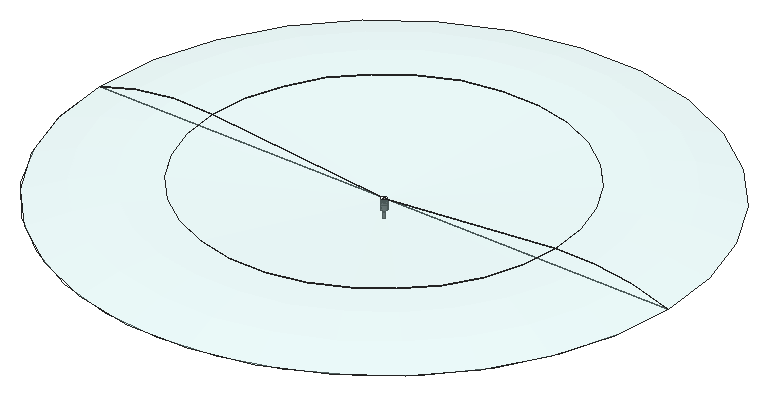
Revit family "Bubbler - 1300A-F Series", category Conexões de tubo, Revit 2020
Family settings
  Cota do conector redondo = Utilizar diâmetro
  Tipo de parte = Cobertura
  Número OmniClass = 23.60.30.11.14
  Título OmniClass = Pipework Fittings
  Com base no plano de trabalho = Sim
  Sempre na vertical = Sim
  Corte com vazios quando carregada = Não
  Compartilhado = Não
Parameters (values of type "1300A-F")
  Water Visibility (Circle) = yes
  Water = Water
  URL = "https://www.rainbird.com/"
  Type = 2 ft
  Transparent Plastic [instance] = Transparent Plastic
  SupportProjetos: Reviw Date = "26/03/2021"  # constant formula
  SupportProjetos: Level of Detail = "LOD 300"  # constant formula
  SupportProjetos: Developed = "MICHEL SOARES MOTA"  # constant formula
  SupportProjetos: Creation Date = "30/07/2020"  # constant formula
  Reviw = "R01"  # constant formula
  RainBird: Product Link = "https://store.rainbird.com/sprinklers/nozzles.html?sprays_nozzleseries=102"
  RainBird: Description [instance] = "Spray Nozzles -  Bubblers - 1300A-F"
  RainBird: Comment [instance] = ""
  Radius [instance] = 3 ft
  R2 [instance] = 0.032808 ft
  R1 [instance] = 0.026247 ft
  Pressure [instance] = 60 psi
  Plastic = Plastic Black
  PCS - 090 [instance] = no
  PCS - 060 [instance] = no
  PCS - 040 [instance] = no
  PCS - 030 [instance] = no
  PCS - 025 [instance] = no
  PCS - 020 [instance] = no
  Modelo = "1300"
  H2 = 1.312 ft  # constant formula
  H1 [instance] = 0.049213 ft
  Flow [instance] = 2.3 GPM
  Default Elevation = 4 ft
  Descrição = "Spray Nozzles 1300 Series"  # constant formula
  DT8 [instance] = 0.098425 ft
  DT7 [instance] = 4 * Radius  # 12 ft
  DT4 [instance] = 5 * Radius  # 15 ft
  DT3 [instance] = 0.3397 * Radius  # 1.0191 ft
  DT2 = 0.098425 ft  # constant formula
  DT13 = 0.049769 ft
  DT12 = 0.070216 ft
  DT1 = 0.032808 ft
  DT6 = 0 ft
  DT5 [instance] = 0.6 * Radius  # 1.8 ft
  Cover = Black Plastic
  Arc Angle [instance] = 360.00°
  Angle = 5.00°
  Aluminum = Aluminum
Reference planes (ft)
  plane 1 "Centro (Frente/Trás)": y = 0
  plane 2: z = 0
  plane 3 "Centro (Esquerda/Direita)": x = 0
Forms (ft)
  Extrusion 1, solid, material "Plastic Black" <- "Plastic"
    sketch origin (0, 0, 0) x (1, 0, 0) y (0, 1, 0)
      loop
        circle (0, 0) r 0.032808
      loop
        circle (0, 0) r 0.026247
    from 0 to 0.049213
  Revolve 2, solid, material "Black Plastic" <- "Cover"
    sketch origin (0, 0, 0) x (1, 0, 0) y (0, 0, 1)
      loop
        line (0.029822, 0.073781) -> (0.005544, 0.073781) -> (0.005544, 0.057377) -> (0.001486, 0.057377) -> (0.001486, 0.049213) -> (0.021797, 0.049213) -> (0.021797, 0.052567) -> (0.032707, 0.052567) -> (0.032707, 0.070897)
        arc (0.032707, 0.070897) -> (0.031862, 0.072936) -> (0.029822, 0.073781) r 0.002884
      axis (0, 0.049213) -> (0, 0.073781)
    angle from 0 to 360
  Revolve 3, solid, material "Water" <- "Water", visible <- "Water Visibility (Circle)"
    sketch origin (0, 0, 0) x (1, 0, 0) y (0, 0, 1)
      loop
        line (0.032808, 0.098425) -> (3.032808, 0.098425)
        arc (3.032808, 0.098425) -> (2.437909, 0.242453) -> (1.825959, 0.255306) r 2.832281
        line (1.825959, 0.255306) -> (0.032808, 0.098425)
      axis (0, 0.098425) -> (0, 0.255306)
    angle from 0 to 360 <- "Arc Angle"
  Extrusion 4, solid, material "Aluminum" <- "Aluminum"
    sketch origin (0, 0, 0) x (1, 0, 0) y (0, 1, 0)
      loop
        circle (0, 0) r 0.003361
    from 0.057377 to 0.098425
  Extrusion 5, solid, material "Aluminum" <- "Aluminum"
    sketch origin (0, 0, 0) x (1, 0, 0) y (0, 1, 0)
      loop
        circle (0, 0) r 0.006402
    from 0.098425 to 0.102511
Dimensions and locks (ft)
  "H1": Extrusion 1 to level
  "DT1": Revolve 3 sketch curve to plane 3 "Centro (Esquerda/Direita)"
  "DT2": Revolve 3 sketch curve to level
  "Radius": Revolve 3 sketch curve to Revolve 3 sketch curve
  "DT5": Revolve 3 sketch curve to Revolve 3 sketch curve
  "R1": radius of Extrusion 1 sketch curve
  "R2": radius of Extrusion 1 sketch curve
  "Angle": angle Revolve 3 sketch curve to Revolve 3 sketch curve
  aligned and locked: level to plane 2
  aligned and locked: Extrusion 1 to level
  aligned and locked: Extrusion 4 to Revolve 2
Automatic sketch dimensions
  Extrusion 1 sketch curve to Extrusion 1 sketch curve = 0 ft  (x2)
  plane 1 "Centro (Frente/Trás)" to Extrusion 1 sketch curve = 0 ft
  Extrusion 1 sketch curve to plane 3 "Centro (Esquerda/Direita)" = 0 ft
  Revolve 2 sketch curve to plane 3 "Centro (Esquerda/Direita)" = 0 ft
  plane 3 "Centro (Esquerda/Direita)" to Revolve 2 sketch curve = 0.001486 ft
  Revolve 2 sketch curve to Revolve 2 sketch curve = 0.004058 ft
  Revolve 2 sketch curve to Revolve 2 sketch curve = 0.016253 ft
  Revolve 2 sketch curve to Revolve 2 sketch curve = 0.008026 ft
  Revolve 2 sketch curve to Revolve 2 sketch curve = 0.002884 ft
  level to Revolve 2 sketch curve = 0.049213 ft
  Revolve 2 sketch curve to Revolve 2 sketch curve = 0.003354 ft
  Revolve 2 sketch curve to Revolve 2 sketch curve = 0.008164 ft
  Revolve 2 sketch curve to Revolve 2 sketch curve = 0.01833 ft
  Revolve 2 sketch curve to Revolve 2 sketch curve = 0.041048 ft
  Revolve 2 sketch curve to Revolve 2 sketch curve = 0.140822 ft
  Revolve 3 sketch curve to plane 3 "Centro (Esquerda/Direita)" = 0 ft
  Revolve 3 sketch curve to Revolve 3 sketch curve = 0.052946 ft
  Revolve 3 sketch curve to Revolve 3 sketch curve = 9.960307 ft
  plane 1 "Centro (Frente/Trás)" to Extrusion 4 sketch curve = 0 ft
  Extrusion 4 sketch curve to plane 3 "Centro (Esquerda/Direita)" = 0 ft
  plane 1 "Centro (Frente/Trás)" to Extrusion 5 sketch curve = 0 ft
  Extrusion 5 sketch curve to plane 3 "Centro (Esquerda/Direita)" = 0 ft
  radius of Extrusion 4 sketch curve = 0.003361 ft
  radius of Extrusion 5 sketch curve = 0.006402 ft
Nested families (ft)
  nested 1: "R VAN PCS Screen" at (0, 0, 0), Material <- "Transparent Plastic", PCS.020 <- "PCS - 020", PCS.025 <- "PCS - 025", PCS.030 <- "PCS - 030", PCS.040 <- "PCS - 040", PCS.060 <- "PCS - 060", PCS.090 <- "PCS - 090", type "R VAN PCS Screen"
    with RainBird: Description "Does not exist", PCS.090 no, PCS.060 no, PCS.040 no, PCS.030 no, PCS.025 no, PCS.020 no, Material Transparent Plastic
Connectors (ft)
  piping at (0, 0, 0), diameter 2
    settings: on Extrusion 1, index 1, connector inside diameter 609.6 mm, connector length 0 ft, flow factor 0, pipe flow 0.0 GPM, pressure drop 0 psi, fitting loss kfactor 0, connector angle 0.00°, fixture units 0, engagement length 0 ft, angle of deflection 0.00°, flow configuration 0, flow direction 0, fitting loss method 0, system type 28, joint type 0, gender type 0, connector reference index -1, connector utility 0, adjustable connector no, is connector primary yes, connector description ""
Definition of nested family "R VAN PCS Screen"
  Parameters (values of type "R VAN PCS Screen")
    RainBird: Description [instance] = if(PCS.020, "PCS - 020", if(PCS.025, "PCS - 025", if(PCS.030, "PCS - 030", if(PCS.040, "PCS - 040", if(PCS.060, "PCS - 060", if(PCS.090, "PCS - 090", "Does not exist"))))))  # "PCS - 020"
    PCS.090 [instance] = no
    PCS.060 [instance] = no
    PCS.040 [instance] = no
    PCS.030 [instance] = no
    PCS.020 [instance] = yes
    PCS.025 [instance] = no
    Material [instance] = none
    Default Elevation = 0 ft
  Reference planes (ft)
    plane 1 "Centro (Frente/Trás)": y = 0
    plane 2: z = 0
    plane 3 "Centro (Esquerda/Direita)": x = 0
  Forms (ft)
    Revolve 1, solid, material <- "Material"
      sketch origin (0, 0, 0) x (1, 0, 0) y (0, 0, 1)
        loop
          line (0, -0.088229) -> (0.016404, -0.088229) -> (0.016404, -0.03138) -> (0.022015, -0.015965) -> (0.022015, -0.006562) -> (0.026522, -0.006562) -> (0.026522, 0) -> (0.015453, 0) -> (0.015453, -0.014808) -> (0.009843, -0.030223) -> (0.009843, -0.081723) -> (0, -0.081723) -> (0, -0.088229)
        axis (0, -0.088229) -> (0, 0)
      angle from 0 to 360
  Dimensions and locks (ft)
    level to Revolve 1 sketch curve = 0.088229 ft
    aligned and locked: level to plane 2
